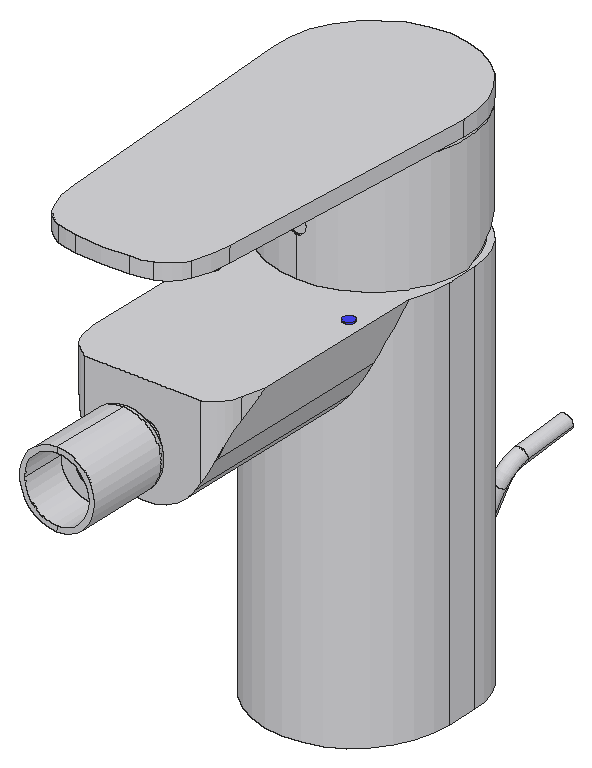
Revit family "Faucet-Bidet-KOHLER-Aleo-K-72279BR", category Plumbing Fixtures, host Face, Revit 2017
Family settings
  Host = Face
  Round Connector Dimension = Use Diameter
  Part Type = Normal
  OmniClass Number = 23.31.11.00
  OmniClass Title = Faucets
  Cut with Voids When Loaded = No
  Shared = No
  Room Calculation Point = No
Parameters (values of type "CP-Polished Chrome")
  Width = 1 63/64"  # constant formula
  WaterSense Certified = 1 = 0  # no
  Waste Water Outlet = "Waste Water Outlet"  # constant formula
  Waste Connection = 1 = 0  # no
  Vent Connection = 1 = 0  # no
  URL = "https://br.kohler.com/"
  Type = 1
  Spout Reach = 4 5/128"  # constant formula
  Product Page URL = ""
  Product Name = "Aleo"  # constant formula
  Product Documentation Link = ""
  Pressure = 0.00 psi
  Model = "K-72279BR-4-CP"  # constant formula
  Material = "Premium Metal Construction"  # constant formula
  Master Format 2014 Name = "Residential Faucets, Supplies, and Trim"  # constant formula
  Master Format 2014 = "22 41 39"  # constant formula
  Manufacturer Address = "Rio de Janeiro\nMULTIREPAROS\nRUA BATISTA DA COSTA, Nº 352 | STORE B\nRio de Janeiro\nSÃO GONÇALO\n24450-470"  # constant formula
  Manufacturer = "KOHLER Co."  # constant formula
  Length = Spout Reach  # 4 5/128"
  Hot Water Inlet = "Hot Water Inlet"  # constant formula
  Height = 5 161/256"  # constant formula
  Handle Clearance = 3 59/128"  # constant formula
  HW Connection = 1 = 1  # yes
  Flow Rate = 0 GPM
  Finish = Kohler-Metal-CP-Polished_Chrome
  Environmental Product Declaration = ""
  Drain Included = 1 = 1  # yes
  Description = "Bidet mixer tap"  # constant formula
  Default Elevation = 36"
  Declare Label = ""
  Date Modified = "05/11/2021"  # constant formula
  Date Created = "05/11/2021"  # constant formula
  Copyright = "Copyright KOHLER Co."  # constant formula
  Contact Us = "https://br.kohler.com/asr-listing"
  Cold Water Inlet = "Cold Water Inlet"  # constant formula
  CW Connection = 1 = 1  # yes
  Assembly Code = "D2010"
  ADA Compliant = 1 = 0  # no
Reference planes (in)
  plane 1 "Center (Front/Back)": y = 0
  plane 2: z = 0
  plane 3 "Center (Left/Right)": x = 0
  plane 4: z = 5.62891
  plane 5: y = -3.46094
  plane 6: z = 3.60236
  plane 7: y = -4.03906
  plane 8: y = 1.10803
  plane 9: y = -1.10803
  plane 10: x = -0.99298
  plane 11: x = 0.9914
  plane 12: x = -0.5796
  plane 13: x = 0.5796
Dimensions and locks (in)
  "Width": plane 11 to plane 10
  "Height": plane 4 to level
  "Spout Reach": plane 1 "Center (Front/Back)" to plane 7
  "Handle Clearance": plane 1 "Center (Front/Back)" to plane 5
  plane 6 to level = 3.60236"
  aligned and locked: plane 2 to host face
  aligned and locked: level to host face
Automatic sketch dimensions
  host sketch curve to host sketch curve = 96"  (x2)
Nested families (in)
  nested 1: "K-72279BR" at (0, 0, 0), type "K-72279BR"
Connectors (in)
  piping at (-0.5796, 0, 0), diameter 0.375, driven by "HW Connection", driven by "Hot Water Inlet"
    settings: on nested 1, index 1, connector inside diameter 24", connector length 0", flow factor 0, pipe flow 0 GPM, pressure drop 0.00 psi, fitting loss kfactor 0, connector angle 0.00°, fixture units 0, engagement length 0", angle of deflection 0.00°, flow configuration 0, flow direction 1, fitting loss method 0, system type 19, joint type 0, gender type 0, connector reference index -1, connector utility 1, adjustable connector no, is connector primary yes, connector description "Hot Water Inlet"
  piping at (0.5796, 0, 0), diameter 0.375, driven by "CW Connection", driven by "Cold Water Inlet"
    settings: on nested 1, index 2, connector inside diameter 24", connector length 0", flow factor 0, pipe flow 0 GPM, pressure drop 0.00 psi, fitting loss kfactor 0, connector angle 0.00°, fixture units 0, engagement length 0", angle of deflection 0.00°, flow configuration 0, flow direction 1, fitting loss method 0, system type 20, joint type 0, gender type 0, connector reference index -1, connector utility 1, adjustable connector no, is connector primary no, connector description "Cold Water Inlet"
Definition of nested family "K-72279BR"
  Parameters (values of type "K-72279BR")
    Material = none
  Reference planes (in)
    plane 1 "Center (Front/Back)": y = 0
    plane 2: z = 0
    plane 3 "Center (Left/Right)": x = 0
    plane 4: x = -0.99298
    plane 5: z = 5.62992
    plane 6: x = 0.99298
    plane 7: y = 1.10803
    plane 8: y = -1.10803
    plane 9: z = 3.60236
    plane 10: y = -4.03878
    plane 11: y = -3.46028
    plane 12: x = -0.5796
    plane 13: x = 0.5796
  Forms (in)
    Extrusion 1, solid, material <- "Material", detail levels medium+fine
      sketch origin (0, 0, 0) x (1, 0, 0) y (0, 0, 1)
        loop
          arc (-0.87085, 4.15426) -> (-0.79597, 3.8755) -> (-0.70263, 3.60236) r 4.32
          arc (-0.70263, 3.60236) -> (-0.6369, 3.45381) -> (-0.55558, 3.31318) r 1.50846
          arc (-0.55558, 3.31318) -> (0.00627, 3.00893) -> (0.56812, 3.31318) r 0.6709
          arc (0.56812, 3.31318) -> (0.64944, 3.45381) -> (0.71517, 3.60236) r 1.50846
          arc (0.71517, 3.60236) -> (0.80851, 3.8755) -> (0.8834, 4.15426) r 4.32
          line (0.8834, 4.15426) -> (-0.87085, 4.15426)
      from 0 to 2.91553
    Extrusion 2, solid, material <- "Material", detail levels medium+fine
      sketch origin (0, 0, 0) x (1, 0, 0) y (0, 1, 0)
        loop
          arc (0.96147, -0.09798) -> (0.95597, 0.06795) -> (0.95658, 0.23396) r 4.51934
          arc (0.95658, 0.23396) -> (0.90192, 0.52637) -> (0.73436, 0.77217) r 0.72444
          arc (0.73436, 0.77217) -> (-0.06984, 1.0901) -> (-0.82013, 0.66013) r 0.99729
          arc (-0.82013, 0.66013) -> (-0.91723, 0.45705) -> (-0.9473, 0.23396) r 0.72444
          arc (-0.9473, 0.23396) -> (-0.9467, 0.06795) -> (-0.9522, -0.09798) r 4.51934
          arc (-0.9522, -0.09798) -> (0.00464, -1.10538) -> (0.96147, -0.09798) r 0.9581
      from 0 to 4.15644
    Extrusion 3, void
      sketch origin (0, 0, 0) x (1, 0, 0) y (0, 1, 0)
        loop
          arc (-0.46615, -2.97458) -> (-0.44295, -2.9268) -> (-0.49485, -2.93811) r 0.02952
          arc (-0.49485, -2.93811) -> (-0.70886, -2.85713) -> (-0.82974, -2.66285) r 0.35698
          arc (-0.82974, -2.66285) -> (-0.85748, -2.53748) -> (-0.88205, -2.41145) r 5.0998
          line (-0.88205, -2.41145) -> (-1.01822, -2.41145) -> (-1.01822, -2.97458) -> (-0.46615, -2.97458)
      from 2.40322 to 4.40966
    Extrusion 4, void
      sketch origin (0, 0, 0) x (-1, 0, 0) y (0, -1, 0)
        loop
          line (-0.46615, 2.97458) -> (-1.01822, 2.97458) -> (-1.01822, 2.41145) -> (-0.88205, 2.41145)
          arc (-0.88205, 2.41145) -> (-0.85748, 2.53748) -> (-0.82974, 2.66285) r 5.0998
          arc (-0.82974, 2.66285) -> (-0.70886, 2.85713) -> (-0.49485, 2.93811) r 0.35698
          arc (-0.49485, 2.93811) -> (-0.44295, 2.9268) -> (-0.46615, 2.97458) r 0.02952
      from 2.40322 to 4.40966
    Revolve 5, solid, material <- "Material", detail levels medium+fine
      sketch origin (0, 0, 0) x (0, 1, 0) y (0, 0, 1)
        loop
          line (-3.0939, 3.78671) -> (-3.0939, 3.92123)
          arc (-3.0939, 3.92123) -> (-3.11624, 3.97517) -> (-3.17018, 3.99751) r 0.07628
          line (-3.17018, 3.99751) -> (-4.03878, 3.99751) -> (-4.03878, 3.60236) -> (-2.91553, 3.60236) -> (-2.91553, 3.78671) -> (-3.0939, 3.78671)
        axis (-2.91553, 3.60236) -> (-4.03878, 3.60236)
      angle from 0 to 360
    Revolve 6, solid, material <- "Material", detail levels medium+fine
      sketch origin (0, 0.12303, 0) x (0, 1, 0) y (0, 0, 1)
        loop
          line (0, 4.15426) -> (0.91285, 4.15426)
          arc (0.91285, 4.15426) -> (0.84343, 4.42555) -> (0.68564, 4.65688) r 0.80852
          line (0.68564, 4.65688) -> (0, 4.65688) -> (0, 4.15426)
        axis (0, 4.65688) -> (0, 4.15426)
      angle from 0 to 360
    Revolve 7, solid, material <- "Material", detail levels medium+fine
      sketch origin (0, 0, 0) x (0, 1, 0) y (0, 0, 1)
        loop
          line (0.09843, 4.19872) -> (1.09266, 4.19872) -> (1.09266, 5.43603)
          arc (1.09266, 5.43603) -> (1.08404, 5.45685) -> (1.06322, 5.46547) r 0.02943
          line (1.06322, 5.46547) -> (0.09843, 5.46547) -> (0.09843, 4.19872)
        axis (0.09843, 4.19872) -> (0.09843, 5.46547)
      angle from 0 to 360
    Extrusion 8, void
      sketch origin (0, 0, 0) x (0, 1, 0) y (0, 0, 1)
        loop
          line (-0.00466, 4.15426) -> (1.29862, 4.15426) -> (1.29862, 4.762) -> (-0.00466, 4.15426)
      from -2.0651 to 1.28733
    Extrusion 9, solid, material <- "Material", detail levels medium+fine
      sketch origin (0, 0, 0) x (1, 0, 0) y (0, 1, 0)
        loop
          line (-0.99252, 0.04697) -> (-0.81636, -2.7921)
          arc (-0.81636, -2.7921) -> (-0.78657, -2.99157) -> (-0.72297, -3.18297) r 1.17016
          arc (-0.72297, -3.18297) -> (-0.63145, -3.31285) -> (-0.49547, -3.39504) r 0.38711
          arc (-0.49547, -3.39504) -> (-0.3896, -3.42567) -> (-0.281, -3.44446) r 0.99853
          arc (-0.281, -3.44446) -> (0, -3.46078) -> (0.281, -3.44446) r 2.4268
          arc (0.281, -3.44446) -> (0.3896, -3.42567) -> (0.49547, -3.39504) r 0.99853
          arc (0.49547, -3.39504) -> (0.63145, -3.31285) -> (0.72297, -3.18297) r 0.38711
          arc (0.72297, -3.18297) -> (0.78657, -2.99157) -> (0.81636, -2.7921) r 1.17016
          line (0.81636, -2.7921) -> (0.99252, 0.04697)
          arc (0.99252, 0.04697) -> (0, 1.10298) -> (-0.99252, 0.04697) r 0.99442
      from 5.46547 to 5.62992
    Extrusion 10, void
      sketch origin (0, 0, 0) x (1, 0, 0) y (0, 0, 1)
        loop
          circle (0, 3.60236) r 0.18435
      from 3.36359 to 4.45014
    Extrusion 11, void
      sketch origin (0, 0, 0) x (1, 0, 0) y (0, 0, 1)
        loop
          circle (0, 3.60236) r 0.34055
      from 3.57274 to 4.97754
    Sweep 12, solid, material <- "Material", detail levels medium+fine
      path origin (-0.50393, 0, 0.22843) x (0, 1, 0) y (0.258819, 0, 0.965926)
        loop
          line (1.61965, 2.05263) -> (1.05567, 1.97337)
          arc (1.05567, 1.97337) -> (0.93881, 1.91931) -> (0.87149, 1.80955) r 0.2224
          arc (0.87149, 1.80955) -> (0.75574, 1.37776) -> (0.63527, 0.94727) r 40.93727
      profile origin (0.01707, 1.33766, 2.17284) x (-0.2563, 0.139173, -0.956526) y (0.965926, 0, -0.258819)
        loop
          circle (-0.03909, 0.797) r 0.07874
    Extrusion 13, void
      sketch origin (0, 0, 0) x (1, 0, 0) y (0, 0, 1)
        loop
          circle (0.00032, 4.71753) r 0.09461
      from 0.8819 to 1.22374
    Extrusion 14, solid, material <- "Material", detail levels coarse
      sketch origin (0, 0, 0) x (1, 0, 0) y (0, 1, 0)
        loop
          arc (-0.87085, -0.6103) -> (0.0087, -1.17919) -> (0.8834, -0.60285) r 0.9581
          arc (0.8834, -0.60285) -> (0.99351, 0.11662) -> (0.73436, 0.79677) r 1.42657
          arc (0.73436, 0.79677) -> (-0.07357, 1.1665) -> (-0.82013, 0.68474) r 0.92474
          arc (-0.82013, 0.68474) -> (-0.99624, 0.04312) -> (-0.87085, -0.6103) r 1.4672
      from 0 to 4.15426
    Revolve 15, solid, material <- "Material", detail levels coarse
      sketch origin (0, 0, 0) x (0, 1, 0) y (0, 0, 1)
        loop
          line (0.12451, 4.14938) -> (1.11087, 4.14938) -> (1.11087, 5.46547) -> (0.12451, 5.46547) -> (0.12451, 4.14938)
        axis (0.12451, 5.46547) -> (0.12451, 4.14938)
      angle from 0 to 360
    Extrusion 16, solid, material <- "Material", detail levels coarse
      sketch origin (0, 0, 0) x (1, 0, 0) y (0, 1, 0)
        loop
          line (0.79829, -2.84905) -> (0.98205, 0.11267)
          arc (0.98205, 0.11267) -> (-0.01046, 1.16868) -> (-1.00298, 0.11267) r 0.99442
          line (-1.00298, 0.11267) -> (-0.83091, -2.66053)
          arc (-0.83091, -2.66053) -> (-0.82285, -2.95594) -> (-0.74104, -3.23992) r 1.17016
          arc (-0.74104, -3.23992) -> (-0.64953, -3.36981) -> (-0.51354, -3.45199) r 0.38711
          arc (-0.51354, -3.45199) -> (-0.40767, -3.48263) -> (-0.29907, -3.50141) r 0.99853
          arc (-0.29907, -3.50141) -> (-0.01807, -3.51773) -> (0.26292, -3.50141) r 2.4268
          arc (0.26292, -3.50141) -> (0.37152, -3.48263) -> (0.47739, -3.45199) r 0.99853
          arc (0.47739, -3.45199) -> (0.61338, -3.36981) -> (0.70489, -3.23992) r 0.38711
          arc (0.70489, -3.23992) -> (0.7685, -3.04852) -> (0.79829, -2.84905) r 1.17016
      from 5.46547 to 5.72549
    Extrusion 17, solid, material <- "Material", detail levels coarse
      sketch origin (0, 0, 0) x (1, 0, 0) y (0, 0, 1)
        loop
          arc (-0.55558, 3.26397) -> (0.00627, 2.95972) -> (0.56812, 3.26397) r 0.6709
          arc (0.56812, 3.26397) -> (0.64944, 3.4046) -> (0.71517, 3.55315) r 1.50846
          arc (0.71517, 3.55315) -> (0.8158, 3.85045) -> (0.89457, 4.15426) r 4.32
          line (0.89457, 4.15426) -> (-0.88203, 4.15426)
          arc (-0.88203, 4.15426) -> (-0.80325, 3.85045) -> (-0.70263, 3.55315) r 4.32
          arc (-0.70263, 3.55315) -> (-0.6369, 3.4046) -> (-0.55558, 3.26397) r 1.50846
      from 0 to 2.91553
    Revolve 18, solid, material <- "Material", detail levels coarse
      sketch origin (0, 0, 0) x (0, 1, 0) y (0, 0, 1)
        loop
          line (-2.91449, 3.8039) -> (-3.06876, 3.8039) -> (-3.06876, 4.02964) -> (-4.10789, 4.02964) -> (-4.10789, 3.58425) -> (-2.91449, 3.58425) -> (-2.91449, 3.8039)
        axis (-2.91449, 3.58425) -> (-4.10789, 3.58425)
      angle from 0 to 360
    Extrusion 19, solid, material <- "Material"
      sketch origin (0, 0, 0) x (1, 0, 0) y (0, 1, 0)
        loop
          circle (-0.5796, 0) r 0.07353
        loop
          circle (0.5796, 0) r 0.07353
      from 0 to 0.06359
    Extrusion 20, solid
      sketch origin (0.02461, 0, 0) x (1, 0, 0) y (0, 1, 0)
        loop
          circle (-0.73725, -1.10803) r 0.06102
      from 4.06058 to 4.1643
    Extrusion 21, solid
      sketch origin (-0.02461, 0, 0) x (-1, 0, 0) y (0, -1, 0)
        loop
          circle (-0.73725, 1.10803) r 0.06102
      from 4.06058 to 4.1643
  Cuts and joins
    Extrusion 3, Extrusion 4, Extrusion 10, Extrusion 11 cuts Extrusion 1
    Extrusion 10, Extrusion 11 cuts Extrusion 2
    Extrusion 10, Extrusion 11 cuts Revolve 5
    Extrusion 13 cuts Revolve 6
    Extrusion 8, Extrusion 13 cuts Revolve 7
    joined: Extrusion 1, Extrusion 2, Revolve 5, Revolve 6, Revolve 7, Extrusion 9, Sweep 12
  Lines and regions (in)
    Masking region 1
      outline origin (0, 0, 0) x (0, 1, 0) y (0, 0, 1)
        loop
          line (-1.10803, 0) -> (1.10803, 0) -> (1.10803, 1.89325) -> (1.62398, 1.96375)
          arc (1.62398, 1.96375) -> (1.6171, 2.04321) -> (1.60241, 2.1216) r 0.80675
          line (1.60241, 2.1216) -> (1.10803, 2.05404) -> (1.10803, 4.15662) -> (1.03571, 4.15662)
          arc (1.03571, 4.15662) -> (0.98782, 4.37289) -> (0.88549, 4.56935) r 0.84691
          line (0.88549, 4.56935) -> (1.10803, 4.66843) -> (1.10803, 5.62992) -> (-3.46028, 5.62992)
          arc (-3.46028, 5.62992) -> (-3.39656, 5.50685) -> (-3.26429, 5.46547) r 0.18013
          line (-3.26429, 5.46547) -> (-1.29579, 5.46547)
          arc (-1.29579, 5.46547) -> (-1.0174, 5.35015) -> (-0.90209, 5.07177) r 0.3937
          line (-0.90209, 5.07177) -> (-0.90209, 4.19727) -> (-0.78496, 4.19727)
          arc (-0.78496, 4.19727) -> (-0.78758, 4.17698) -> (-0.78962, 4.15662) r 0.71355
          line (-0.78962, 4.15662) -> (-2.91553, 4.15662) -> (-2.91553, 3.78671) -> (-3.0939, 3.78671) -> (-3.0939, 3.91967)
          arc (-3.0939, 3.91967) -> (-3.11719, 3.97591) -> (-3.17343, 3.9992) r 0.07954
          line (-3.17343, 3.9992) -> (-4.03878, 3.9992) -> (-4.03878, 3.60236) -> (-4.03878, 3.20552) -> (-3.17343, 3.20552)
          arc (-3.17343, 3.20552) -> (-3.11719, 3.22882) -> (-3.0939, 3.28506) r 0.07954
          line (-3.0939, 3.28506) -> (-3.0939, 3.41802) -> (-2.91553, 3.41802) -> (-2.91553, 3.00893) -> (-1.69859, 3.00893)
          arc (-1.69859, 3.00893) -> (-1.281, 2.83596) -> (-1.10803, 2.41838) r 0.59055
          line (-1.10803, 2.41838) -> (-1.10803, 0)
    Masking region 2
      outline origin (0, 0, 0) x (1, 0, 0) y (0, 0, 1)
        loop
          line (-0.99298, 0) -> (0.99298, 0) -> (0.99298, 5.62989) -> (0, 5.62989) -> (-0.99298, 5.62989) -> (-0.99298, 0)
    Masking region 3
      outline origin (0, 0, 0) x (1, 0, 0) y (0, 1, 0)
        loop
          arc (0.65214, 0.85928) -> (-0.44037, 1.00015) -> (-0.99252, 0.04697) r 0.99442
          line (-0.99252, 0.04697) -> (-0.81636, -2.7921)
          arc (-0.81636, -2.7921) -> (-0.78657, -2.99157) -> (-0.72297, -3.18297) r 1.17016
          arc (-0.72297, -3.18297) -> (-0.63145, -3.31285) -> (-0.49547, -3.39504) r 0.38711
          arc (-0.49547, -3.39504) -> (-0.44558, -3.41105) -> (-0.39492, -3.42443) r 0.99853
          line (-0.39492, -3.42443) -> (-0.39492, -4.03878) -> (0, -4.03878) -> (0.39492, -4.03878) -> (0.39492, -3.42443)
          arc (0.39492, -3.42443) -> (0.44558, -3.41105) -> (0.49547, -3.39504) r 0.99853
          arc (0.49547, -3.39504) -> (0.63145, -3.31285) -> (0.72297, -3.18297) r 0.38711
          arc (0.72297, -3.18297) -> (0.78657, -2.99157) -> (0.81636, -2.7921) r 1.17016
          line (0.81636, -2.7921) -> (0.99252, 0.04697)
          arc (0.99252, 0.04697) -> (0.94476, 0.41889) -> (0.76267, 0.74669) r 0.99442
          arc (0.76267, 0.74669) -> (0.82518, 0.82923) -> (0.85539, 0.92828) r 0.29557
          arc (0.85539, 0.92828) -> (0.86427, 1.01801) -> (0.86932, 1.10803) r 2.11754
          line (0.86932, 1.10803) -> (0.88686, 1.61238)
          arc (0.88686, 1.61238) -> (0.80786, 1.62471) -> (0.7282, 1.6179) r 0.33389
          line (0.7282, 1.6179) -> (0.71047, 1.10803)
          arc (0.71047, 1.10803) -> (0.70604, 0.99626) -> (0.67949, 0.88759) r 0.56017
          arc (0.67949, 0.88759) -> (0.66572, 0.87353) -> (0.65214, 0.85928) r 1.48148
    symbolic lines, detail levels medium+fine
      curve 1: arc (0.76267, 0.74669, 0) -> (0.69925, 0.81561, 0) -> (0.62963, 0.87826, 0) r 0.99442
      curve 2: arc (-0.39492, -3.42443, 0) -> (-0.33825, -3.4361, 0) -> (-0.281, -3.44446, 0) r 0.99853
      curve 3: arc (-0.281, -3.44446, 0) -> (0, -3.46078, 0) -> (0.281, -3.44446, 0) r 2.4268
      curve 4: arc (0.281, -3.44446, 0) -> (0.33825, -3.4361, 0) -> (0.39492, -3.42443, 0) r 0.99853
      curve 5: line (0, 1.10803, 2.05404) -> (0, 1.10803, 1.89325)
      curve 6: line (0, 1.03571, 4.15662) -> (0, -0.78962, 4.15662)
      curve 7: line (0, 0.09068, 4.19872) -> (0, -0.89581, 4.19872)
      curve 8: line (0, 1.09266, 4.66595) -> (0, 0.09068, 4.19872)
      curve 9: line (0, -2.91553, 3.78671) -> (0, -2.91553, 3.41802)
      curve 10: line (0, -3.0939, 3.78671) -> (0, -3.0939, 3.41802)
      curve 11: line (0.99298, 0, 4.15426) -> (-0.99298, 0, 4.15426)
      curve 12: line (0.9942, 0, 4.19872) -> (-0.9942, 0, 4.19872)
      curve 13: arc (0.09494, 0, 4.71753) -> (0.00032, 0, 4.81214) -> (-0.09429, 0, 4.71753) r 0.09461
      curve 14: arc (-0.09429, 0, 4.71753) -> (0.00032, 0, 4.62292) -> (0.09494, 0, 4.71753) r 0.09461
      curve 15: arc (-0.55558, 0, 3.31318) -> (-0.00323, 0, 3.009) -> (0.55751, 0, 3.29742) r 0.6709
      curve 16: arc (-0.87085, 0, 4.15426) -> (-0.79594, 0, 3.8754) -> (-0.70234, 0, 3.60224) r 4.26612
      curve 17: arc (-0.70234, 0, 3.60224) -> (-0.63661, 0, 3.45383) -> (-0.55558, 0, 3.31318) r 1.53474
      curve 18: arc (0.88316, 0, 4.15426) -> (0.80825, 0, 3.8754) -> (0.71464, 0, 3.60224) r 4.26612
      curve 19: arc (0.71464, 0, 3.60224) -> (0.64462, 0, 3.44543) -> (0.55751, 0, 3.29742) r 1.53474
      curve 20: arc (0, 0, 3.99751) -> (-0.39515, 0, 3.60236) -> (0, 0, 3.20721) r 0.39515
      curve 21: arc (0, 0, 3.20721) -> (0.39515, 0, 3.60236) -> (0, 0, 3.99751) r 0.39515
      curve 22: arc (-0.34055, 0, 3.60236) -> (0, 0, 3.26181) -> (0.34055, 0, 3.60236) r 0.34055
      curve 23: arc (0.34055, 0, 3.60236) -> (0, 0, 3.94291) -> (-0.34055, 0, 3.60236) r 0.34055
      curve 24: arc (0.18435, 0, 3.60236) -> (0, 0, 3.78671) -> (-0.18435, 0, 3.60236) r 0.18435
      curve 25: arc (-0.18435, 0, 3.60236) -> (0, 0, 3.41802) -> (0.18435, 0, 3.60236) r 0.18435
      curve 26: arc (-0.90499, 0, 4.19872) -> (-0.91029, 0, 4.17674) -> (-0.91282, 0, 4.15426) r 0.1821
      curve 27: arc (0.90499, 0, 4.19872) -> (0.91029, 0, 4.17674) -> (0.91282, 0, 4.15426) r 0.1821
      curve 28: line (-0.99442, 0, 5.46547) -> (0.99442, 0, 5.46547)
  Dimensions and locks (in)
    level to plane 5 = 5.62992"
    plane 9 to level = 3.60236"
    plane 1 "Center (Front/Back)" to plane 10 = 4.03878"
    aligned and locked: level to plane 2
